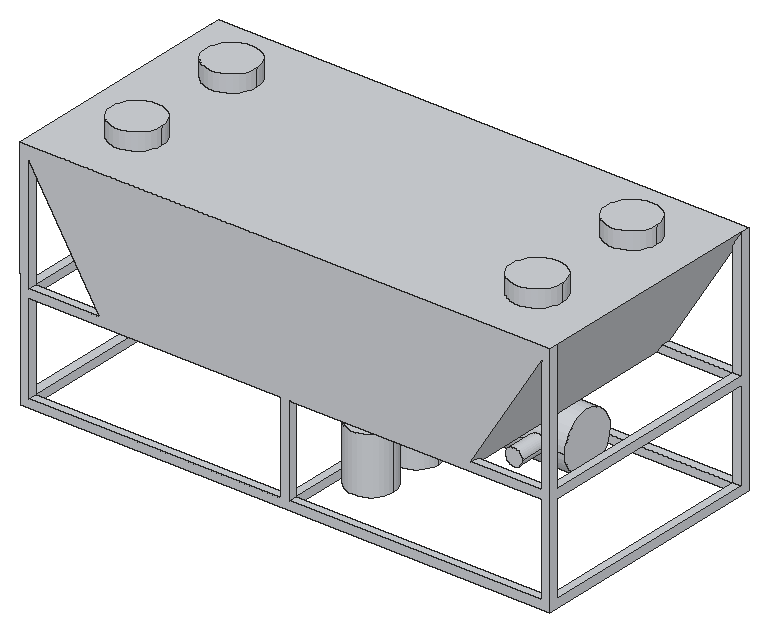
Revit family "60b5dc11208742d7b9051f77e7536275", category Mechanical Equipment, Revit 2021
Family settings
  Round Connector Dimension = Use Radius
  Part Type = Normal
  OmniClass Number = 23.75.10.24.21.21
  OmniClass Title = Packaged Water Chillers
  Seek Item ID = Scroll Chiller - Air Cooled - 60-120 Tons-0000-USA-ENU
  Work Plane-Based = No
  Always vertical = Yes
  Cut with Voids When Loaded = No
  Shared = No
  Room Calculation Point = No
Parameters (values of type "120 Tons")
  Voltage = 460 V
  Visible 2 = yes
  Visible 1 = yes
  Pressure Drop [instance] = 4.727 psi
  Number of Poles = 3
  Load Classification = Cooling
  Drain Flow [instance] = 0 GPM
  Default Elevation = 0' - 0"
  Cooling Capacity [instance] = 1420757 Btu/h
  Chiller Material = none
  Chiller Length = 15' - 8 59/256"
  Chilled Water Supply Radius = 3"
  Chilled Water Supply Diameter = Chilled Water Supply Radius * 2  # 6"
  Chilled Water Return Radius = 3"
  Chilled Water Return Diameter = Chilled Water Return Radius * 2  # 6"
  Chilled Water Flow [instance] = 283 GPM
  C3 Offset 1 = C1 Offset 2 - 0' 11"  # 0' - 4 51/128"
  C2 Offset 3 = 3' - 9 161/256"
  C1 Offset 3 = 4' - 5 205/256"
  C1 Offset 2 = 1' - 3 51/128"
  Apparent Load [instance] = 147600 VA
Types (8): name | Visible 2 | Pressure Drop | Cooling Capacity | Chiller Length | Chilled Water Supply Radius | Chilled Water Supply Diameter | Chilled Water Return Radius | Chilled Water Return Diameter | Chilled Water Flow | C3 Offset 1 | C2 Offset 3 | C1 Offset 3 | C1 Offset 2 | Apparent Load
  (no name) | yes | 4.727 psi | 1420757 Btu/h | 15' - 8 59/256" | 3" | 6" | 3" | 6" | 283 GPM | 0' - 4 51/128" | 3' - 9 161/256" | 4' - 5 205/256" | 1' - 3 51/128" | 147600 VA
  60 Tons | no | 3.857 psi | 685129.6 Btu/h | 7' - 10 7/32" | 2" | 4" | 2" | 4" | 137 GPM | 0' - 8" | 1' - 8 55/128" | 1' - 3" | 1' - 7" | 70400 VA
  70 Tons | no | 5.075 psi | 798066.8 Btu/h | 7' - 10 7/32" | 2" | 4" | 2" | 4" | 159 GPM | 0' - 8" | 1' - 8 55/128" | 1' - 3" | 1' - 7" | 83400 VA
  80 Tons | no | 3.031 psi | 912027.6 Btu/h | 7' - 10 7/32" | 2" | 4" | 2" | 4" | 182 GPM | 0' - 8 77/128" | 1' - 8 55/128" | 1' - 3" | 1' - 7 77/128" | 95300 VA
  90 Tons | yes | 3.857 psi | 1036566 Btu/h | 11' - 9 7/32" | 2" | 4" | 2" | 4" | 207 GPM | 0' - 8 77/128" | 3' - 3 9/128" | 3' - 7 51/256" | 1' - 7 77/128" | 106600 VA
  100 Tons | yes | 4.64 psi | 1148138 Btu/h | 11' - 9 7/32" | 2" | 4" | 2" | 4" | 229 GPM | 0' - 8 77/128" | 3' - 3 9/128" | 3' - 7 51/256" | 1' - 7 77/128" | 119500 VA
  110 Tons | yes | 3.814 psi | 1265852 Btu/h | 11' - 9 7/32" | 3" | 6" | 3" | 6" | 252 GPM | 0' - 4 51/128" | 3' - 3 9/128" | 1' - 1 51/128" | 1' - 3 51/128" | 132100 VA
  120 Tons | yes | 4.727 psi | 1420757 Btu/h | 15' - 8 59/256" | 3" | 6" | 3" | 6" | 283 GPM | 0' - 4 51/128" | 3' - 9 161/256" | 4' - 5 205/256" | 1' - 3 51/128" | 147600 VA
Reference planes (in)
  plane 1 "Center (Front/Back)": y = 0
  plane 2: z = 0
  plane 3 "Center (Left/Right)": x = 0
  plane 4: x = 188.23047
  plane 5: y = -88.03
  plane 6: x = 3
  plane 7: x = 185.23047
  plane 8: y = -3
  plane 9: y = -85.03
  plane 10: z = 3
  plane 11: z = 35
  plane 12: z = 38
  plane 13: z = 83.82
  plane 14: x = 94.11523
  plane 15: x = 92.61523
  plane 16: x = 95.61523
  plane 17: x = 30
  plane 18: x = 158.23047
  plane 19: y = -30
  plane 20: z = 5
  plane 21: x = 6
  plane 22: x = 53.80078
  plane 23: x = 142.60156
  plane 24: x = 46.80078
  plane 25: x = 152.60156
  plane 26: y = -27
  plane 27: z = 15.39844
  plane 28: z = 4.39844
  plane 29: y = -47
  plane 30: z = 8
  plane 31: z = 28
  plane 32: y = -73.03
  plane 33: y = -53.03
  plane 34: x = 112.60156
  plane 35: y = -13.25
  plane 36: z = 7.48
  plane 37: z = 89.82
  plane 38: x = 23
  plane 39: x = 165.23047
  plane 40: y = -23
  plane 41: y = -65.03
Forms (in)
  Extrusion 1, solid, material <- "Chiller Material"
    sketch origin (0, 0, 0) x (1, 0, 0) y (0, 1, 0)
      loop
        line (0, 0) -> (0, -88.03) -> (188.23047, -88.03) -> (188.23047, 0) -> (0, 0)
    from 0 to 3
  Extrusion 2, void
    sketch origin (0, 0, 0) x (1, 0, 0) y (0, 1, 0)
      loop
        line (3, -3) -> (3, -85.03) -> (185.23047, -85.03) -> (185.23047, -3) -> (3, -3)
    from 0 to 3
  Extrusion 3, solid, material <- "Chiller Material"
    sketch origin (0, 0, 0) x (1, 0, 0) y (0, 1, 0)
      loop
        line (0, 0) -> (0, -88.03) -> (188.23047, -88.03) -> (188.23047, 0) -> (0, 0)
    from 35 to 38
  Extrusion 4, void
    sketch origin (0, 0, 0) x (1, 0, 0) y (0, 1, 0)
      loop
        line (3, -3) -> (3, -85.03) -> (185.23047, -85.03) -> (185.23047, -3) -> (3, -3)
    from 35 to 38
  Extrusion 5, solid, material <- "Chiller Material"
    sketch origin (0, 0, 0) x (1, 0, 0) y (0, 1, 0)
      loop
        line (0, 0) -> (0, -3) -> (3, -3) -> (3, 0) -> (0, 0)
    from 0 to 83.82
  Extrusion 6, solid, material <- "Chiller Material"
    sketch origin (0, 0, 0) x (1, 0, 0) y (0, 1, 0)
      loop
        line (185.23047, 0) -> (185.23047, -3) -> (188.23047, -3) -> (188.23047, 0) -> (185.23047, 0)
    from 0 to 83.82
  Extrusion 7, solid, material <- "Chiller Material"
    sketch origin (0, 0, 0) x (1, 0, 0) y (0, 1, 0)
      loop
        line (0, -85.03) -> (0, -88.03) -> (3, -88.03) -> (3, -85.03) -> (0, -85.03)
    from 0 to 83.82
  Extrusion 8, solid, material <- "Chiller Material"
    sketch origin (0, 0, 0) x (1, 0, 0) y (0, 1, 0)
      loop
        line (185.23047, -85.03) -> (185.23047, -88.03) -> (188.23047, -88.03) -> (188.23047, -85.03) -> (185.23047, -85.03)
    from 0 to 83.82
  Extrusion 9, solid, material <- "Chiller Material"
    sketch origin (0, 0, 0) x (0, 1, 0) y (0, 0, 1)
      loop
        line (0, 38) -> (-88.03, 38) -> (-88.03, 0) -> (0, 0) -> (0, 38)
      loop
        line (-3, 35) -> (-85.03, 35) -> (-85.03, 3) -> (-3, 3) -> (-3, 35)
    from 92.61523 to 95.61523
  Blend 10, solid, material <- "Chiller Material"
    base sketch origin (0, 0, 0) x (1, 0, 0) y (0, 1, 0)
      loop
        line (0, 0) -> (0, -88.03) -> (188.23047, -88.03) -> (188.23047, 0) -> (0, 0)
    top sketch origin (0, 0, 0) x (1, 0, 0) y (0, 1, 0)
      loop
        line (30, 0) -> (30, -88.03) -> (158.23047, -88.03) -> (158.23047, 0) -> (30, 0)
    from 83.82 to 35
  Extrusion 11, solid, material <- "Chiller Material"
    sketch origin (0, 0, 0) x (0, 1, 0) y (0, 0, 1)
      loop
        line (-3, 35) -> (-30, 35) -> (-30, 5) -> (-3, 5) -> (-3, 35)
    from 0 to 6
  Extrusion 12, solid, material <- "Chiller Material"
    sketch origin (0, 0, 0) x (0, 1, 0) y (0, 0, 1)
      loop
        circle (-27, 15.39844) r 10
    from 46.80078 to 152.60156
  Extrusion 13, solid, material <- "Chiller Material"
    sketch origin (0, 0, 0) x (1, 0, 0) y (0, 1, 0)
      loop
        circle (53.80078, -27) r 0.375
    from 4.39844 to 15.39844
  Extrusion 14, solid, material <- "Chiller Material"
    sketch origin (0, 0, 0) x (1, 0, 0) y (0, 0, 1)
      loop
        circle (53.80078, 15.39844) r 3
    from 27 to 47
  Extrusion 15, solid, material <- "Chiller Material"
    sketch origin (0, 0, 0) x (1, 0, 0) y (0, 0, 1)
      loop
        circle (142.60156, 15.39844) r 3
    from 27 to 47
  Extrusion 16, solid, material <- "Chiller Material"
    sketch origin (0, 0, 0) x (1, 0, 0) y (0, 1, 0)
      loop
        circle (112.60156, -73.03) r 8
    from 8 to 28
  Extrusion 17, solid, material <- "Chiller Material"
    sketch origin (0, 0, 0) x (1, 0, 0) y (0, 1, 0)
      loop
        circle (112.60156, -53.03) r 8
    from 8 to 28
  Extrusion 18, solid, material <- "Chiller Material"
    sketch origin (0, 0, 0) x (0, 1, 0) y (0, 0, 1)
      loop
        circle (-13.25, 7.48) r 0.375
    from 0 to 3
  Extrusion 19, solid, material <- "Chiller Material"
    sketch origin (0, 0, 0) x (1, 0, 0) y (0, 1, 0)
      loop
        circle (23, -23) r 9
    from 83.82 to 89.82
  Extrusion 20, solid, material <- "Chiller Material"
    sketch origin (0, 0, 0) x (1, 0, 0) y (0, 1, 0)
      loop
        circle (165.23047, -23) r 9
    from 83.82 to 89.82
  Extrusion 21, solid, material <- "Chiller Material"
    sketch origin (0, 0, 0) x (1, 0, 0) y (0, 1, 0)
      loop
        circle (23, -65.03) r 9
    from 83.82 to 89.82
  Extrusion 22, solid, material <- "Chiller Material"
    sketch origin (0, 0, 0) x (1, 0, 0) y (0, 1, 0)
      loop
        circle (165.23047, -65.03) r 9
    from 83.82 to 89.82
Cuts and joins
  Extrusion 2, Extrusion 4 cuts Extrusion 1
  Extrusion 4 cuts Extrusion 3
  joined: Extrusion 1, Extrusion 3, Extrusion 5, Extrusion 6, Extrusion 7, Extrusion 8, Extrusion 9, Blend 10, Extrusion 11, Extrusion 12, Extrusion 13, Extrusion 14, Extrusion 15, Extrusion 16, Extrusion 17, Extrusion 18, Extrusion 19, Extrusion 20, Extrusion 21, Extrusion 22
Dimensions and locks (in)
  "Chiller Length": plane 3 "Center (Left/Right)" to plane 4
  locked: plane 5 to plane 1 "Center (Front/Back)" at 88.03
  locked: plane 3 "Center (Left/Right)" to plane 6 at 3
  locked: plane 7 to plane 4 at 3
  locked: plane 8 to plane 1 "Center (Front/Back)" at 3
  locked: plane 9 to plane 5 at 3
  locked: plane 10 to plane 2 at 3
  locked: plane 12 to plane 11 at 3
  locked: plane 13 to plane 2 at 83.82
  equal spacing: plane 3 "Center (Left/Right)", plane 14, plane 4
  locked: plane 15 to plane 14 at 1.5
  locked: plane 14 to plane 16 at 1.5
  locked: plane 3 "Center (Left/Right)" to plane 17 at 30
  locked: plane 18 to plane 4 at 30
  locked: plane 1 "Center (Front/Back)" to plane 19 at 30
  locked: plane 20 to plane 2 at 5
  locked: plane 3 "Center (Left/Right)" to plane 21 at 6
  "C1 Offset 3": plane 22 to plane 3 "Center (Left/Right)"
  "C2 Offset 3": plane 4 to plane 23
  locked: plane 22 to plane 24 at 7
  locked: plane 25 to plane 23 at 10
  locked: plane 1 "Center (Front/Back)" to plane 26 at 27
  "C1 Offset 2": plane 27 to plane 2
  "C3 Offset 1": plane 28 to plane 2
  locked: plane 26 to plane 29 at 20
  locked: plane 30 to plane 2 at 8
  locked: plane 31 to plane 30 at 20
  locked: plane 32 to plane 5 at 15
  locked: plane 33 to plane 32 at 20
  locked: plane 23 to plane 34 at 30
  locked: plane 1 "Center (Front/Back)" to plane 35 at 13.25
  locked: plane 36 to plane 2 at 7.48
  locked: plane 37 to plane 13 at 6
  locked: plane 3 "Center (Left/Right)" to plane 38 at 23
  locked: plane 39 to plane 4 at 23
  locked: plane 40 to plane 1 "Center (Front/Back)" at 23
  locked: plane 41 to plane 5 at 23
  radius of Extrusion 12 sketch curve = 0' - 10"
  radius of Extrusion 13 sketch curve = 0' - 0 3/8"
  "Chilled Water Supply Radius": radius of Extrusion 14 sketch curve
  "Chilled Water Return Radius": radius of Extrusion 15 sketch curve
  radius of Extrusion 16 sketch curve = 0' - 8"
  radius of Extrusion 17 sketch curve = 0' - 8"
  radius of Extrusion 18 sketch curve = 0' - 0 3/8"
  radius of Extrusion 19 sketch curve = 0' - 9"
  radius of Extrusion 20 sketch curve = 0' - 9"
  radius of Extrusion 21 sketch curve = 0' - 9"
  radius of Extrusion 22 sketch curve = 0' - 9"
  aligned and locked: plane 3 "Center (Left/Right)" to Extrusion 1 sketch curve
  aligned and locked: plane 1 "Center (Front/Back)" to Extrusion 1 sketch curve
  aligned and locked: plane 5 to Extrusion 1 sketch curve
  aligned and locked: Extrusion 1 sketch curve to plane 4
  aligned and locked: Extrusion 1 to plane 10
  aligned and locked: Extrusion 1 to plane 2
  aligned and locked: plane 6 to Extrusion 2 sketch curve
  aligned and locked: Extrusion 2 sketch curve to plane 8
  aligned and locked: plane 9 to Extrusion 2 sketch curve
  aligned and locked: Extrusion 2 sketch curve to plane 7
  aligned and locked: Extrusion 2 to plane 10
  aligned and locked: Extrusion 2 to level
  aligned and locked: plane 12 to Extrusion 3
  aligned and locked: Extrusion 3 to plane 11
  aligned and locked: plane 11 to Extrusion 4
  aligned and locked: plane 12 to Extrusion 4
  aligned and locked: plane 13 to Extrusion 5
  aligned and locked: Extrusion 5 to plane 2
  aligned and locked: plane 7 to Extrusion 6 sketch curve
  aligned and locked: plane 1 "Center (Front/Back)" to Extrusion 6 sketch curve
  aligned and locked: plane 8 to Extrusion 6 sketch curve
  aligned and locked: Extrusion 6 sketch curve to plane 4
  aligned and locked: Extrusion 6 to plane 13
  aligned and locked: plane 2 to Extrusion 6
  aligned and locked: plane 3 "Center (Left/Right)" to Extrusion 7 sketch curve
  aligned and locked: Extrusion 7 sketch curve to plane 9
  aligned and locked: plane 5 to Extrusion 7 sketch curve
  aligned and locked: Extrusion 7 sketch curve to plane 6
  aligned and locked: plane 13 to Extrusion 7
  aligned and locked: Extrusion 7 to plane 2
  aligned and locked: Extrusion 8 to plane 13
  aligned and locked: plane 2 to Extrusion 8
  aligned and locked: plane 16 to Extrusion 9
  aligned and locked: Extrusion 9 to plane 15
  aligned and locked: plane 17 to Blend 10 sketch curve
  aligned and locked: plane 1 "Center (Front/Back)" to Blend 10 sketch curve
  aligned and locked: plane 5 to Blend 10 sketch curve
  aligned and locked: Blend 10 sketch curve to plane 18
  aligned and locked: Blend 10 to plane 13
  aligned and locked: Blend 10 to plane 11
  aligned and locked: plane 20 to Extrusion 11 sketch curve
  aligned and locked: plane 19 to Extrusion 11 sketch curve
  aligned and locked: Extrusion 11 to plane 3 "Center (Left/Right)"
  aligned and locked: plane 21 to Extrusion 11
  aligned and locked: plane 26 to Extrusion 12 sketch curve
  aligned and locked: plane 27 to Extrusion 12 sketch curve
  aligned and locked: plane 24 to Extrusion 12
  aligned and locked: plane 25 to Extrusion 12
  aligned and locked: plane 22 to Extrusion 13 sketch curve
  aligned and locked: plane 26 to Extrusion 13 sketch curve
  aligned and locked: plane 27 to Extrusion 13
  aligned and locked: Extrusion 13 to plane 28
  aligned and locked: plane 22 to Extrusion 14 sketch curve
  aligned and locked: plane 27 to Extrusion 14 sketch curve
  aligned and locked: plane 29 to Extrusion 14
  aligned and locked: Extrusion 14 to plane 26
  aligned and locked: plane 23 to Extrusion 15 sketch curve
  aligned and locked: Extrusion 15 sketch curve to plane 27
  aligned and locked: plane 26 to Extrusion 15
  aligned and locked: plane 29 to Extrusion 15
  aligned and locked: plane 34 to Extrusion 16 sketch curve
  aligned and locked: plane 32 to Extrusion 16 sketch curve
  aligned and locked: Extrusion 16 to plane 30
  aligned and locked: plane 31 to Extrusion 16
  aligned and locked: plane 34 to Extrusion 17 sketch curve
  aligned and locked: plane 33 to Extrusion 17 sketch curve
  aligned and locked: plane 31 to Extrusion 17
  aligned and locked: Extrusion 17 to plane 30
  aligned and locked: plane 35 to Extrusion 18 sketch curve
  aligned and locked: plane 36 to Extrusion 18 sketch curve
  aligned and locked: Extrusion 18 to plane 3 "Center (Left/Right)"
  aligned and locked: plane 6 to Extrusion 18
  aligned and locked: plane 38 to Extrusion 19 sketch curve
  aligned and locked: plane 40 to Extrusion 19 sketch curve
  aligned and locked: plane 37 to Extrusion 19
  aligned and locked: Extrusion 19 to plane 13
  aligned and locked: plane 39 to Extrusion 20 sketch curve
  aligned and locked: plane 40 to Extrusion 20 sketch curve
  aligned and locked: plane 37 to Extrusion 20
  aligned and locked: Extrusion 20 to plane 13
  aligned and locked: plane 38 to Extrusion 21 sketch curve
  aligned and locked: plane 41 to Extrusion 21 sketch curve
  aligned and locked: plane 37 to Extrusion 21
  aligned and locked: Extrusion 21 to plane 13
  aligned and locked: plane 39 to Extrusion 22 sketch curve
  aligned and locked: plane 41 to Extrusion 22 sketch curve
  aligned and locked: plane 37 to Extrusion 22
  aligned and locked: Extrusion 22 to plane 13
Automatic sketch dimensions
  Extrusion 3 sketch curve to plane 3 "Center (Left/Right)" = 0' - 0"
  Extrusion 3 sketch curve to plane 4 = 0' - 0"
  Extrusion 3 sketch curve to plane 5 = 0' - 0"
  Extrusion 3 sketch curve to plane 1 "Center (Front/Back)" = 0' - 0"
  Extrusion 4 sketch curve to plane 6 = 0' - 0"
  Extrusion 4 sketch curve to plane 7 = 0' - 0"
  Extrusion 4 sketch curve to plane 9 = 0' - 0"
  Extrusion 4 sketch curve to plane 8 = 0' - 0"
  Extrusion 5 sketch curve to plane 3 "Center (Left/Right)" = 0' - 0"
  Extrusion 5 sketch curve to plane 6 = 0' - 0"
  Extrusion 5 sketch curve to plane 8 = 0' - 0"
  Extrusion 5 sketch curve to plane 1 "Center (Front/Back)" = 0' - 0"
  Extrusion 8 sketch curve to plane 5 = 0' - 0"
  Extrusion 8 sketch curve to plane 7 = 0' - 0"
  Extrusion 8 sketch curve to plane 4 = 0' - 0"
  Extrusion 8 sketch curve to plane 9 = 0' - 0"
  Extrusion 9 sketch curve to plane 5 = 0' - 0"
  Extrusion 9 sketch curve to plane 9 = 0' - 0"
  Extrusion 9 sketch curve to plane 8 = 0' - 0"
  Extrusion 9 sketch curve to plane 1 "Center (Front/Back)" = 0' - 0"
  Extrusion 9 sketch curve to level = 0' - 0"
  Extrusion 9 sketch curve to plane 10 = 0' - 0"
  Extrusion 9 sketch curve to plane 11 = 0' - 0"
  Extrusion 9 sketch curve to plane 12 = 0' - 0"
  Blend 10 sketch curve to plane 3 "Center (Left/Right)" = 0' - 0"
  Blend 10 sketch curve to plane 4 = 0' - 0"
  Blend 10 sketch curve to plane 5 = 0' - 0"
  Blend 10 sketch curve to plane 1 "Center (Front/Back)" = 0' - 0"
  Extrusion 11 sketch curve to plane 8 = 0' - 0"
  Extrusion 11 sketch curve to plane 11 = 0' - 0"
Connectors (in)
  piping at (53.80078, -47, 15.39844), diameter 6, driven by "Chilled Water Flow", driven by "Chilled Water Return Radius"
    settings: on cut or joined group 1 (Extrusion 1, Extrusion 2, Extrusion 3, Extrusion 4, Extrusion 5, Extrusion 6, Extrusion 7, Extrusion 8, Extrusion 9, Blend 10, Extrusion 11, Extrusion 12, Extrusion 13, Extrusion 14, Extrusion 15, Extrusion 16, Extrusion 17, Extrusion 18, Extrusion 19, Extrusion 20, Extrusion 21, Extrusion 22), index 1, connector inside diameter 6", connector length 0' - 0", flow factor 0, pipe flow 283 GPM, pressure drop 0.00 psi, fitting loss kfactor 0, connector angle 0.00°, fixture units 0, engagement length 0' - 0", angle of deflection 0.00°, flow configuration 0, flow direction 1, fitting loss method 4, system type 8, joint type 0, gender type 0, connector reference index 2, connector utility 0, adjustable connector no, is connector primary yes, connector description "Chilled Water In"
  piping at (142.60156, -47, 15.39844), diameter 6, driven by "Chilled Water Flow", driven by "Pressure Drop", driven by "Chilled Water Supply Radius"
    settings: on cut or joined group 1, index 2, connector inside diameter 6", connector length 0' - 0", flow factor 0, pipe flow 283 GPM, pressure drop 4.727 psi, fitting loss kfactor 0, connector angle 0.00°, fixture units 0, engagement length 0' - 0", angle of deflection 0.00°, flow configuration 0, flow direction 2, fitting loss method 4, system type 7, joint type 0, gender type 0, connector reference index 1, connector utility 0, adjustable connector no, is connector primary no, connector description "Chilled Water Out"
  piping at (53.80078, -27, 4.39844), diameter 0.75, driven by "Drain Flow"
    settings: on cut or joined group 1, index 3, connector inside diameter 3/4", connector length 0' - 0", flow factor 0, pipe flow 0 GPM, pressure drop 0.00 psi, fitting loss kfactor 0, connector angle 0.00°, fixture units 0, engagement length 0' - 0", angle of deflection 0.00°, flow configuration 0, flow direction 2, fitting loss method 0, system type 16, joint type 0, gender type 0, connector reference index -1, connector utility 0, adjustable connector no, is connector primary no, connector description "Drain Out"
  electrical at (0, -13.25, 7.48), driven by "Apparent Load", driven by "Voltage", driven by "Number of Poles", driven by "Load Classification"
    settings: on Extrusion 18, index 4, voltage 460 V, apparent load 147600 VA, apparent load phase1 0 VA, apparent load phase2 0 VA, apparent load phase3 0 VA, power factor 0.8, load classification "Cooling", number of poles 3, system type 30, power factor state 1, is connector primary yes, connector utility no, sub classification motor no, connector description ""
